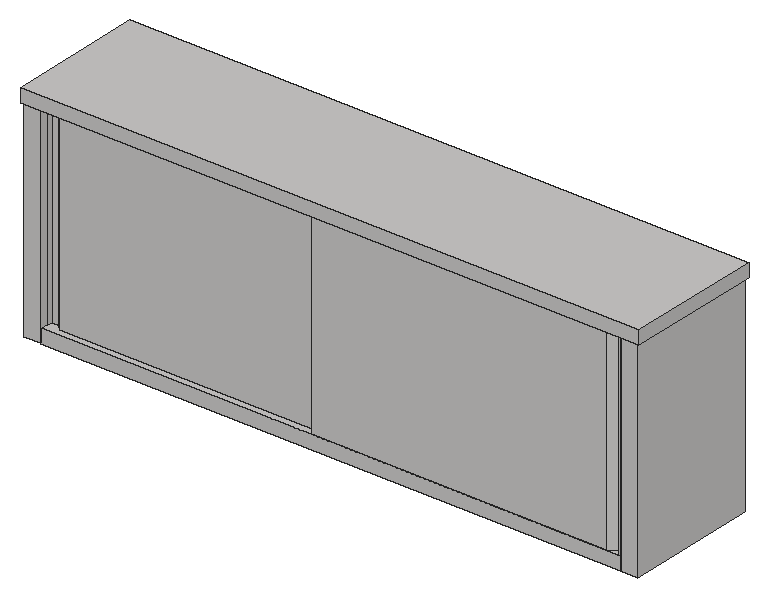
Revit family "QF_ZANUSSI_132834_PS1800LCN", category Attrezzature speciali, Revit 2020
Family settings
  Quota connettore circolare = Usa diametro
  Tipo di parte = Normale
  Basato su piano di lavoro = No
  Sempre verticale = Sì
  Taglio con vuoti quando caricato = No
  Condiviso = No
  Punto di calcolo locali = No
Parameters (values of type "Standard")
  Weight = 35.00 kg
  Watts = 0 W
  Volts = 0 V
  URL Manufacturer = "http://www.zanussiprofessional.com"
  URL = "http://www.zanussiprofessional.com"
  Steam Supply Size = 0 mm
  Steam Supply Minimum Pressure = 0.0 Pa
  Steam Supply Maximum Pressure = 0.0 Pa
  Steam Consumption per Hour = 0
  Refrigeration Suction Line Size = 0.0 mm
  Refrigeration Liquid Line Size = 0.0 mm
  Refrigerant Compressor Remote = yes
  Prospetto di default = 0.0 mm
  Produttore = "Zanussi"
  Phase = 0
  Modello = "PS1800LCN"
  Length Actual = 1800.0 mm  # constant formula
  Item Number = "132834"
  Hot Water Size = 0 mm
  Height Actual = 650.0 mm  # constant formula
  HP = "0 HP"
  Gas Size = 0 mm
  Gas KW = 0
  Gas Input Pressure = 0 W
  Direct Waste Size = 0 mm
  Descrizione = "WALL CUPBOARD W/2 SLIDING DOORS 1800 MM"
  Depth Actual = 400.0 mm  # constant formula
  Cycle = 0 Hz
  Condensate Return Size = 0 mm
  Compressed Air Volume = 0.0 L/s
  Compressed Air Size = 0 mm
  Compressed Air Pressure = 0.0 Pa
  Cold Water Size = 0 mm
  Accessory = yes
Reference planes
  plane 1 "Center (Front/Back)": y = 0
  plane 2: z = 0
  plane 3 "Center (Left/Right)": x = -400
  plane 4 "LEFT": x = -1300
  plane 5 "RIGHT": x = 500
  plane 6 "BACK": y = 200
  plane 7 "FRONT": y = -200
  plane 8 "Base": z = 2160
  plane 9 "TOP": z = 2200
  plane 10 "BodyLeft": x = -1294.5
  plane 11 "BodyFront": y = -194.5
  plane 12 "BodyRight": x = 494.5
  plane 13 "BodyBack": y = 194.5
  plane 14 "FEET": z = 1550
  plane 15: x = -344.5
  plane 16: x = -455.5
Forms (mm)
  Extrusion 1, solid, material "QF_Finishes_Stainless Steel"
    sketch origin (-400, 0, 0) x (0, 1, 0) y (0, 0, 1)
      loop
        line (-200, 2160) -> (200, 2160) -> (200, 2200) -> (-200, 2200) -> (-200, 2160)
    from 900 to -900
  Extrusion 2, solid, material "QF_Finishes_Stainless Steel"
    sketch origin (0, 0, 1550) x (-1, 0, 0) y (0, -1, 0)
      loop
        line (1294.5, -194.5) -> (1294.5, 194.5) -> (1244.5, 194.5) -> (1244.5, -194.5) -> (1294.5, -194.5)
      loop
        line (-444.5, -194.5) -> (-444.5, 194.5) -> (-494.5, 194.5) -> (-494.5, -194.5) -> (-444.5, -194.5)
    from 0 to 610
  Extrusion 3, solid, material "QF_Finishes_Stainless Steel"
    sketch origin (0, 0, 1550) x (-1, 0, 0) y (0, -1, 0)
      loop
        line (1243.585, -194.5) -> (1243.585, 194.5) -> (-444.5, 194.5) -> (-444.5, -194.5) -> (1243.585, -194.5)
    from 0 to 40
  Extrusion 4, solid, material "QF_Finishes_Stainless Steel"
    sketch origin (0, 0, 1550) x (-1, 0, 0) y (0, -1, 0)
      loop
        line (1243.585, -194.5) -> (1243.585, -144.5) -> (-444.5, -144.5) -> (-444.5, -194.5) -> (1243.585, -194.5)
    from 40 to 610
  Extrusion 5, solid, material "QF_Finishes_Stainless Steel"
    sketch origin (0, 0, 1550) x (-1, 0, 0) y (0, -1, 0)
      loop
        line (-444.5, 194.5) -> (-444.5, 174.5) -> (455.5, 174.5) -> (455.5, 194.5) -> (-404.5, 194.5) -> (-424.5, 179.5) -> (-439.5, 179.5) -> (-439.5, 194.5) -> (-444.5, 194.5)
    from 40 to 610
  Extrusion 6, solid, material "QF_Finishes_Stainless Steel"
    sketch origin (0, 20, 1550) x (1, 0, 0) y (0, 1, 0)
      loop
        line (-1244.5, -194.5) -> (-1239.5, -194.5) -> (-1239.5, -179.5) -> (-1224.5, -179.5) -> (-1204.5, -194.5) -> (-344.5, -194.5) -> (-344.5, -174.5) -> (-1244.5, -174.5) -> (-1244.5, -194.5)
    from 40 to 610
Lines and regions (mm)
  symbolic lines
    curve 1: line (500, 200, 2200) -> (-1300, 200, 2200)
    curve 2: line (-1300, 200, 2200) -> (-1300, -200, 2200)
    curve 3: line (-1300, -200, 2200) -> (500, -200, 2200)
    curve 4: line (500, -200, 2200) -> (500, 200, 2200)
    curve 5: line (-1300, -200, 1550) -> (500, 200, 1550)
  symbolic lines, style "SpecialityEquipmentHiddenLines"
    curve 6: line (-1294.5, 194.5, 1550) -> (494.5, 194.5, 1550)
    curve 7: line (-1294.5, -194.5, 1550) -> (-1294.5, 194.5, 1550)
    curve 8: line (494.5, -194.5, 1550) -> (-1294.5, -194.5, 1550)
    curve 9: line (494.5, 194.5, 1550) -> (494.5, -194.5, 1550)
    curve 10: line (-1244.5, -154.5, 1550) -> (-344.5, -154.5, 1550)
    curve 11: line (-1244.5, -174.5, 1550) -> (-1244.5, -154.5, 1550)
    curve 12: line (444.5, -174.5, 1550) -> (-1244.5, -174.5, 1550)
    curve 13: line (-344.5, -154.5, 1550) -> (-344.5, -174.5, 1550)
    curve 14: line (-455.5, -174.5, 1550) -> (-455.5, -194.5, 1550)
    curve 15: line (444.5, -174.5, 1550) -> (444.5, -194.5, 1550)
Dimensions and locks
  plane 4 "LEFT" to plane 5 "RIGHT" = 1800.0 mm
  equal spacing: plane 4 "LEFT", plane 3 "Center (Left/Right)", plane 5 "RIGHT"
  locked: plane 8 "Base" to level at 2160
  locked: plane 9 "TOP" to level at 2200
  plane 6 "BACK" to plane 7 "FRONT" = 400.0 mm
  equal spacing: plane 6 "BACK", plane 1 "Center (Front/Back)", plane 7 "FRONT"
  locked: plane 4 "LEFT" to plane 10 "BodyLeft" at 5.5
  locked: plane 12 "BodyRight" to plane 5 "RIGHT" at 5.5
  locked: plane 11 "BodyFront" to plane 7 "FRONT" at 5.5
  locked: plane 6 "BACK" to plane 13 "BodyBack" at 5.5
  locked: plane 10 "BodyLeft" to Extrusion 2 sketch curve at 50
  locked: Extrusion 2 sketch curve to Extrusion 2 sketch curve at 50
  Extrusion 3 to Extrusion 4 sketch curve = 50.0 mm
  Extrusion 2 to plane 15 = 900.0 mm
  plane 16 to Extrusion 2 = 900.0 mm
  plane 9 "TOP" to plane 14 "FEET" = 650.0 mm
  locked: plane 8 "Base" to Extrusion 3 at 570
  aligned and locked: level to plane 2
  aligned and locked: Extrusion 1 to plane 4 "LEFT"
  aligned and locked: plane 5 "RIGHT" to Extrusion 1
  aligned and locked: curve 2 to plane 4 "LEFT"
  aligned and locked: plane 13 "BodyBack" to Extrusion 2 sketch curve
  aligned and locked: Extrusion 2 sketch curve to plane 11 "BodyFront"
  aligned and locked: Extrusion 2 sketch curve to plane 10 "BodyLeft"
  aligned and locked: plane 12 "BodyRight" to Extrusion 2 sketch curve
  aligned and locked: Extrusion 2 sketch curve to plane 13 "BodyBack"
  aligned and locked: plane 11 "BodyFront" to Extrusion 2 sketch curve
  aligned and locked: Extrusion 3 sketch curve to plane 13 "BodyBack"
  aligned and locked: plane 11 "BodyFront" to Extrusion 3 sketch curve
  aligned and locked: plane 8 "Base" to Extrusion 2
  aligned and locked: Extrusion 4 sketch curve to Extrusion 3
  aligned and locked: plane 8 "Base" to Extrusion 5
  aligned and locked: Extrusion 5 to Extrusion 3
  aligned and locked: Extrusion 6 sketch curve to plane 15
  aligned and locked: Extrusion 5 sketch curve to plane 16
  aligned and locked: Extrusion 1 to plane 8 "Base"
  aligned and locked: plane 9 "TOP" to Extrusion 1
  aligned and locked: curve 6 to plane 13 "BodyBack"
  aligned and locked: plane 11 "BodyFront" to curve 8
  aligned and locked: plane 12 "BodyRight" to curve 9
  aligned and locked: plane 10 "BodyLeft" to curve 7
Automatic sketch dimensions
  curve 3 to plane 7 "FRONT" = 0.0 mm
  curve 4 to plane 6 "BACK" = 0.0 mm
  Extrusion 1 sketch curve to plane 7 "FRONT" = 0.0 mm
  plane 9 "TOP" to Extrusion 1 sketch curve = 0.0 mm
  Extrusion 1 sketch curve to plane 6 "BACK" = 0.0 mm
  Extrusion 1 sketch curve to plane 8 "Base" = 0.0 mm
  Extrusion 5 sketch curve to plane 11 "BodyFront" = 0.0 mm  (x2)
  Extrusion 5 sketch curve to Extrusion 5 sketch curve = 5.0 mm
  Extrusion 5 sketch curve to Extrusion 5 sketch curve = 15.0 mm
  Extrusion 5 sketch curve to Extrusion 5 sketch curve = 20.0 mm
  plane 11 "BodyFront" to Extrusion 5 sketch curve = 15.0 mm
  plane 11 "BodyFront" to Extrusion 5 sketch curve = 20.0 mm
  Extrusion 6 sketch curve to plane 11 "BodyFront" = 20.0 mm  (x2)
  Extrusion 6 sketch curve to Extrusion 6 sketch curve = 5.0 mm
  Extrusion 6 sketch curve to Extrusion 6 sketch curve = 15.0 mm
  Extrusion 6 sketch curve to Extrusion 6 sketch curve = 20.0 mm  (x2)
  Extrusion 6 sketch curve to plane 11 "BodyFront" = 35.0 mm
  plane 10 "BodyLeft" to Extrusion 3 sketch curve = 50.915 mm
  plane 10 "BodyLeft" to Extrusion 4 sketch curve = 50.915 mm
  Extrusion 6 sketch curve to plane 10 "BodyLeft" = 90.0 mm
  plane 12 "BodyRight" to Extrusion 3 sketch curve = 50.0 mm
  plane 12 "BodyRight" to Extrusion 4 sketch curve = 50.0 mm
  plane 12 "BodyRight" to Extrusion 5 sketch curve = 90.0 mm
  curve 4 to plane 5 "RIGHT" = 0.0 mm
  curve 5 to plane 5 "RIGHT" = 0.0 mm
  curve 13 to plane 15 = 0.0 mm
  curve 14 to plane 16 = 0.0 mm
  curve 5 to plane 4 "LEFT" = 0.0 mm
  curve 5 to plane 6 "BACK" = 0.0 mm
  curve 5 to plane 7 "FRONT" = 0.0 mm
  plane 10 "BodyLeft" to curve 11 = 50.0 mm
  plane 11 "BodyFront" to curve 13 = 40.0 mm
  plane 11 "BodyFront" to curve 12 = 20.0 mm
  plane 12 "BodyRight" to curve 15 = 50.0 mm
